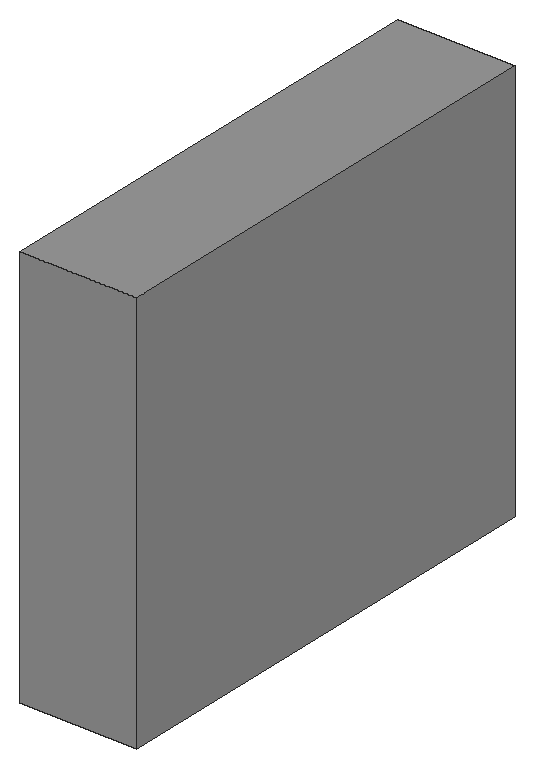
Revit family "PRE070015-FR", category Accessoire de canalisation, Revit 2017
Family settings
  Cote de connecteur circulaire = Utiliser le diamètre
  Type d'élément = Normal
  Basée sur le plan de construction = Non
  Toujours verticalement = Oui
  Couper avec des vides une fois chargée = Non
  Partagée = Non
Parameters (values of type "55393 PRESTO SIMPLE NOVA BLACK CHROME PILE")
  Variantes = "55379-55381-55389-55393"
  LC = 22.5 mm
  Garantie = "3"
  URL Fabricant = "http://www.prestodatashare.com/centretelechargement/index.php?lang=FR&refs=55393"
  URL = "http://www.prestodatashare.com/centretelechargement/index.php?lang=FR&refs=55393"
  Lien notice d'utilisation = "http://www.prestodatashare.com/centretelechargement/support.php?lang=FR&ref=55393"
  Lien fiche produit = "http://www.prestodatashare.com/espacedoc/Fiches_Techniques/FR/55393.pdf"
  Reference = "55393"
  Pression = "1 à 5 bars"
  Polantis code = "PRE070015c"
  Perte de charge = 0.0 Pa
  Profondeur = 207 mm
  Modèle = "55393 PRESTO SIMPLE NOVA BLACK CHROME PILE"
  Matériau = Laiton poli chromé
  Lien CCTP = "http://www.prestodatashare.com/centretelechargement/index.php?lang=FR&refs=55393"
  Largeur = 51 mm
  PC = 22.5 mm
  Hauteur = 177 mm
  Fonction = "Débit : 3 l/mn par limiteur de débit intégré, Aérateur anti-tartre haute qualité, Dispositif anti-coup de bélier\nAlimentation électrique : Pile lithium 6 volts type CRP2 dans boîtier intégré dans le corps du robinet\nMatière et couleur de finition : Corps et capot en métal moulé injecté avec finition black chrome\nRésistance thermique : Résiste à une température de 75°C durant 30 minutes dans le cadre de chocs thermiques\nSécurité : Limitation de la température maximale par butée réglable\n-Fermeture automatique de l'électrovanne en cas d'écoulement > à 30s, d'usure de la pile ou de dégradation du détecteur\n\nLivré avec :\n- 1 Ecrou de fixation\n- 1 Joint et 1 rondelle\n- 1 Flexible PEX à écrou tournant avec Clapets anti-retour NF\n- 1 Robinet d'arrêt MM G 3/8'' (12x17)\n- 1 Joint filtre\n- 1 Autocollant de signalisation\n\nNormes / Agréments :\n- Laiton conforme aux normes NF EN1982, EN12164, NF EN12165\n- Résistant au brouillard salin 200 H (essai NSS) conformément à la norme NF ISO 9227"
  Flux = 0.133333 L/s
  Finition = ""
  Fabricant = "LES ROBINETS PRESTO S.A."
  Diamètre Nominal = 12 mm
  Description = "Robinet simple sur plage à détection (CE) sur plage. De type Presto NOVA® réf. 55393 ou techniquement équivalent. Avec cellule optoélectronique, alimentation par pile lithium 6 V intégrée dans le robinet. Régulateur de débit intégré (3 l/min).Système antiblocage interdisant l'écoulement en continu. Avec flexible PEX et robinet d’arrêt filtre. Finition corps chromé et capot BLACK CHROME"
  Debit = "3 l/mn"
  Raccordement = "G 3/8'' (12x17)"
  Adresse = "7, RUE RACINE - 92542 MONTROUGE CEDEX FRANCE"
Types (4, lengths in mm): name | URL Fabricant | URL | Lien notice d'utilisation | Lien fiche produit | Reference | Polantis code | Modèle | Lien CCTP | Fonction | Description | Debit
  55381 PRESTO NOVA SIMPLE PILE PRESTOGREEN | "http://www.prestodatashare.com/centretelechargement/index.php?lang=FR&refs=55381" | "http://www.prestodatashare.com/centretelechargement/index.php?lang=FR&refs=55381" | "http://www.prestodatashare.com/centretelechargement/support.php?lang=FR&ref=55381" | "http://www.prestodatashare.com/espacedoc/Fiches_Techniques/FR/55381.pdf" | "55381" | "PRE070015a" | "55381 PRESTO NOVA SIMPLE PILE PRESTOGREEN" | "http://www.prestodatashare.com/centretelechargement/index.php?lang=FR&refs=55381" | "Débit : 1,9 l/mn par limiteur de débit intégré, Aérateur anti-tartre haute qualité, Dispositif anti-coup de bélier\nAlimentation électrique : Pile lithium 6 volts type CRP2 dans boîtier intégré dans le corps du robinet\nMatière et couleur de finition : Corps et capot en métal moulé injecté avec finition chromée\nRésistance thermique : Résiste à une température de 75°C durant 30 minutes dans le cadre de chocs thermiques\nSécurité : Limitation de la température maximale par butée réglable\n-Fermeture automatique de l'électrovanne en cas d'écoulement > à 30s, d'usure de la pile ou de dégradation du détecteur\n\nLivré avec :\n- 1 Ecrou de fixation\n- 1 Joint et 1 rondelle\n- 1 Flexible PEX à écrou tournant avec Clapets anti-retour NF\n- 1 Robinet d'arrêt MM G 3/8'' (12x17)\n- 1 Joint filtre\n- 1 Autocollant de signalisation\n\nNormes / Agréments :\n- Laiton conforme aux normes NF EN1982, EN12164, NF EN12165\n- Résistant au brouillard salin 200 H (essai NSS) conformément à la norme NF ISO 9227" | "Robinet simple sur plage à détection (CE) sur plage. De type Presto NOVA® réf. 55381 ou techniquement équivalent. Avec cellule optoélectronique, alimentation par pile lithium 6 V intégrée dans le robinet. Limiteur de débit intégré 1,9 l/mn). Système antiblocage interdisant l'écoulement en continu. Avec flexible PEX et robinet d’arrêt filtre. Finition chromée." | "1,9 l/mn"
  55379 PRESTO NOVA SIMPLE PILE | "http://www.prestodatashare.com/centretelechargement/index.php?lang=FR&refs=55379" | "http://www.prestodatashare.com/centretelechargement/index.php?lang=FR&refs=55379" | "http://www.prestodatashare.com/centretelechargement/support.php?lang=FR&ref=55379" | "http://www.prestodatashare.com/espacedoc/Fiches_Techniques/FR/55379.pdf" | "55379" | "PRE070015" | "55379 PRESTO NOVA SIMPLE PILE" | "http://www.prestodatashare.com/centretelechargement/index.php?lang=FR&refs=55379" | "Débit : 3 l/mn par limiteur de débit intégré, Aérateur anti-tartre haute qualité, Dispositif anti-coup de bélier\nAlimentation électrique : Pile lithium 6 volts type CRP2 dans boîtier intégré dans le corps du robinet\nMatière et couleur de finition : Corps et capot en métal moulé injecté avec finition chromée\nRésistance thermique : Résiste à une température de 75°C durant 30 minutes dans le cadre de chocs thermiques\nSécurité : Limitation de la température maximale par butée réglable\n-Fermeture automatique de l'électrovanne en cas d'écoulement > à 30s, d'usure de la pile ou de dégradation du détecteur\n\nLivré avec :\n- 1 Ecrou de fixation\n- 1 Joint et 1 rondelle\n- 1 Flexible PEX à écrou tournant avec Clapets anti-retour NF\n- 1 Robinet d'arrêt MM G 3/8'' (12x17)\n- 1 Joint filtre\n- 1 Autocollant de signalisation\n\nNormes / Agréments :\n- Laiton conforme aux normes NF EN1982, EN12164, NF EN12165\n- Résistant au brouillard salin 200 H (essai NSS) conformément à la norme NF ISO 9227" | "Robinet simple sur plage à détection (CE) sur plage. De type Presto NOVA® réf. 55379 ou techniquement équivalent. Avec cellule optoélectronique, alimentation par pile lithium 6 V intégrée dans le robinet. Régulateur de débit intégré (3 l/min).Système antiblocage interdisant l'écoulement en continu. Avec flexible PEX et robinet d’arrêt filtre. Finition chromée" | "3 l/mn"
  55393 PRESTO SIMPLE NOVA BLACK CHROME PILE | "http://www.prestodatashare.com/centretelechargement/index.php?lang=FR&refs=55393" | "http://www.prestodatashare.com/centretelechargement/index.php?lang=FR&refs=55393" | "http://www.prestodatashare.com/centretelechargement/support.php?lang=FR&ref=55393" | "http://www.prestodatashare.com/espacedoc/Fiches_Techniques/FR/55393.pdf" | "55393" | "PRE070015c" | "55393 PRESTO SIMPLE NOVA BLACK CHROME PILE" | "http://www.prestodatashare.com/centretelechargement/index.php?lang=FR&refs=55393" | "Débit : 3 l/mn par limiteur de débit intégré, Aérateur anti-tartre haute qualité, Dispositif anti-coup de bélier\nAlimentation électrique : Pile lithium 6 volts type CRP2 dans boîtier intégré dans le corps du robinet\nMatière et couleur de finition : Corps et capot en métal moulé injecté avec finition black chrome\nRésistance thermique : Résiste à une température de 75°C durant 30 minutes dans le cadre de chocs thermiques\nSécurité : Limitation de la température maximale par butée réglable\n-Fermeture automatique de l'électrovanne en cas d'écoulement > à 30s, d'usure de la pile ou de dégradation du détecteur\n\nLivré avec :\n- 1 Ecrou de fixation\n- 1 Joint et 1 rondelle\n- 1 Flexible PEX à écrou tournant avec Clapets anti-retour NF\n- 1 Robinet d'arrêt MM G 3/8'' (12x17)\n- 1 Joint filtre\n- 1 Autocollant de signalisation\n\nNormes / Agréments :\n- Laiton conforme aux normes NF EN1982, EN12164, NF EN12165\n- Résistant au brouillard salin 200 H (essai NSS) conformément à la norme NF ISO 9227" | "Robinet simple sur plage à détection (CE) sur plage. De type Presto NOVA® réf. 55393 ou techniquement équivalent. Avec cellule optoélectronique, alimentation par pile lithium 6 V intégrée dans le robinet. Régulateur de débit intégré (3 l/min).Système antiblocage interdisant l'écoulement en continu. Avec flexible PEX et robinet d’arrêt filtre. Finition corps chromé et capot BLACK CHROME" | "3 l/mn"
  55389 PRESTO NOVA SIMPLE  NOIR MAT PILE | "http://www.prestodatashare.com/centretelechargement/index.php?lang=FR&refs=55389" | "http://www.prestodatashare.com/centretelechargement/index.php?lang=FR&refs=55389" | "http://www.prestodatashare.com/centretelechargement/support.php?lang=FR&ref=55389" | "http://www.prestodatashare.com/espacedoc/Fiches_Techniques/FR/55389.pdf" | "55389" | "PRE070015b" | "55389 PRESTO NOVA SIMPLE  NOIR MAT PILE" | "http://www.prestodatashare.com/centretelechargement/index.php?lang=FR&refs=55389" | "Débit : 3 l/mn par limiteur de débit intégré, Aérateur anti-tartre haute qualité, Dispositif anti-coup de bélier\nAlimentation électrique : Pile lithium 6 volts type CRP2 dans boîtier intégré dans le corps du robinet\nMatière et couleur de finition : Corps et capot en métal moulé injecté avec finition noir mat\nRésistance thermique : Résiste à une température de 75°C durant 30 minutes dans le cadre de chocs thermiques\nSécurité : Limitation de la température maximale par butée réglable\n-Fermeture automatique de l'électrovanne en cas d'écoulement > à 30s, d'usure de la pile ou de dégradation du détecteur\n\nLivré avec :\n- 1 Ecrou de fixation\n- 1 Joint et 1 rondelle\n- 1 Flexible PEX à écrou tournant avec Clapets anti-retour NF\n- 1 Robinet d'arrêt MM G 3/8'' (12x17)\n- 1 Joint filtre\n- 1 Autocollant de signalisation\n\nNormes / Agréments :\n- Laiton conforme aux normes NF EN1982, EN12164, NF EN12165\n- Résistant au brouillard salin 200 H (essai NSS) conformément à la norme NF ISO 9227" | "Robinet simple sur plage à détection (CE) sur plage. De type Presto NOVA® réf. 55389 ou techniquement équivalent. Avec cellule optoélectronique, alimentation par pile lithium 6 V intégrée dans le robinet. Régulateur de débit intégré (3 l/min).Système antiblocage interdisant l'écoulement en continu. Avec flexible PEX et robinet d’arrêt filtre. Finition NOIR MAT" | "3 l/mn"
Reference planes
  plane 1 "Centre (avant/arrière)": y = 0
  plane 2: z = 0
  plane 3 "Centre (gauche/droite)": x = 0
  plane 4: y = -207
  plane 5: x = 51
  plane 6: z = 177
  plane 7: x = 25.5
  plane 8: z = 1
  plane 9: y = -22.5
  plane 10: x = 22.5
Forms (mm)
  Extrusion 1, solid, material "Laiton poli chromé" <- "Matériau", detail levels fine
    sketch origin (0, 0, 0) x (1, 0, 0) y (0, 1, 0)
      loop
        line (0, 0) -> (0, -207) -> (51, -207) -> (51, 0) -> (0, 0)
    from 0 to 177
  Extrusion 2, solid, material "Laiton poli chromé" <- "Matériau", detail levels fine
    sketch origin (0, 0, 0) x (1, 0, 0) y (0, 1, 0)
      loop
        circle (22.5, -22.5) r 5
    from 0 to 1
Cuts and joins
  joined: Extrusion 1, Extrusion 2
Dimensions and locks
  "Profondeur": plane 1 "Centre (avant/arrière)" to plane 4
  "Largeur": plane 3 "Centre (gauche/droite)" to plane 5
  "Hauteur": plane 6 to level
  equal spacing: plane 3 "Centre (gauche/droite)", plane 7, plane 5
  locked: plane 8 to plane 2 at 1
  "PC": plane 1 "Centre (avant/arrière)" to plane 9
  "LC": plane 3 "Centre (gauche/droite)" to plane 10
  aligned and locked: level to plane 2
  aligned and locked: plane 1 "Centre (avant/arrière)" to Extrusion 1 sketch curve
  aligned and locked: plane 3 "Centre (gauche/droite)" to Extrusion 1 sketch curve
  aligned and locked: plane 4 to Extrusion 1 sketch curve
  aligned and locked: plane 5 to Extrusion 1 sketch curve
  aligned and locked: plane 6 to Extrusion 1
  aligned and locked: plane 8 to Extrusion 2
  aligned and locked: nested 2 to plane 5
  aligned and locked: nested 2 to plane 4
Automatic sketch dimensions
  Extrusion 2 sketch curve to plane 9 = 0 mm
  Extrusion 2 sketch curve to plane 10 = 0 mm
  radius of Extrusion 2 sketch curve = 5 mm
Nested families
  nested 1: "SymboliqueA6" at (0, -22.5, 0) x (0, 1, 0) z (0, 0, 1), type "SymboliqueA6", detail levels coarse+medium
  nested 2: "S2DA6" at (51, -103.5, 0) x (0, 1, 0) z (0, 0, 1), type "S2DA6", detail levels coarse+medium
Connectors
  piping at (22.5, -22.5, 0), diameter 12, driven by "Diamètre Nominal", driven by "Flux", driven by "Perte de charge"
    settings: on Extrusion 2, index 3, connector inside diameter 609.6 mm, connector length 0 mm, flow factor 0, pipe flow 0.133333 L/s, pressure drop 0.0 Pa, fitting loss kfactor 0, connector angle 0.00°, fixture units 0, engagement length 0 mm, angle of deflection 0.00°, flow configuration 0, flow direction 1, fitting loss method 4, system type 22, joint type 0, gender type 0, connector reference index -1, connector utility 0, adjustable connector no, is connector primary yes, connector description ""
Definition of nested family "SymboliqueA6"
  Parameters (values of type "SymboliqueA6")
    V = yes
    P = 1000 mm
    L = 1000 mm
    H = 1000 mm
  Reference planes
    plane 1 "Centre (avant/arrière)": y = 0
    plane 2: z = 0
    plane 3 "Centre (gauche/droite)": x = 0
    plane 4: y = -1000
    plane 5: x = -500
    plane 6: x = 500
    plane 7: z = 1000
    plane 8: z = 500
    plane 9: y = -500
  Lines and regions (mm)
    model lines
      curve 1: line (0, -1000, 1000) -> (0, 0, 0)
      curve 2: line (0, 0, 0) -> (0, -1000, 0)
      curve 3: line (0, -1000, 0) -> (0, 0, 1000)
      curve 4: line (0, 0, 1000) -> (0, -1000, 1000)
  Dimensions and locks
    "H": plane 7 to plane 2
    equal spacing: plane 5, plane 3 "Centre (gauche/droite)", plane 6
    "L": plane 5 to plane 6
    equal spacing: plane 7, plane 8, level
    equal spacing: plane 4, plane 9, plane 1 "Centre (avant/arrière)"
    "P": plane 1 "Centre (avant/arrière)" to plane 4
    aligned and locked: level to plane 2
  Automatic sketch dimensions
    curve 3 to level = 0 mm
    curve 1 to plane 1 "Centre (avant/arrière)" = 0 mm
    curve 1 to plane 7 = 0 mm
    curve 3 to plane 4 = 0 mm
    curve 3 to plane 1 "Centre (avant/arrière)" = 0 mm
    curve 4 to plane 4 = 0 mm
Definition of nested family "S2DA6"
  Parameters (values of type "S2DA6")
    P = 788.322 mm
    L = 1600 mm
    H = 1250.021 mm
  Reference planes
    plane 1 "Centre (avant/arrière)": y = 0
    plane 2: z = 0
    plane 3 "Centre (gauche/droite)": x = 0
    plane 4: y = 788.322
    plane 5: x = -800
    plane 6: x = 800
    plane 7: y = 394.161
    plane 8: z = 1250.021
    plane 9: z = 625.01
  Lines and regions (mm)
    symbolic lines
      curve 1: line (-800, 788.322, 0) -> (800, 0, 0)
      curve 2: line (800, 0, 0) -> (800, 788.322, 0)
      curve 3: line (800, 788.322, 0) -> (-800, 0, 0)
      curve 4: line (-800, 0, 0) -> (-800, 788.322, 0)
      curve 5: line (800, 0, 1250.021) -> (-800, 0, 1250.021)
      curve 6: line (-800, 0, 1250.021) -> (800, 0, 0)
      curve 7: line (800, 0, 0) -> (-800, 0, 0)
      curve 8: line (800, 0, 1250.021) -> (-800, 0, 0)
      curve 9: line (0, 788.322, 0) -> (0, 0, 1250.021)
      curve 10: line (0, 0, 1250.021) -> (0, 788.322, 1250.021)
      curve 11: line (0, 788.322, 1250.021) -> (0, 0, 0)
      curve 12: line (0, 0, 0) -> (0, 788.322, 0)
  Dimensions and locks
    equal spacing: plane 5, plane 3 "Centre (gauche/droite)", plane 6
    equal spacing: plane 1 "Centre (avant/arrière)", plane 7, plane 4
    "P": plane 1 "Centre (avant/arrière)" to plane 4
    "L": plane 5 to plane 6
    equal spacing: plane 8, plane 9, level
    "H": plane 8 to plane 2
    aligned and locked: level to plane 2
  Automatic sketch dimensions
    plane 1 "Centre (avant/arrière)" to curve 3 = 0 mm
    curve 1 to plane 4 = 0 mm
    curve 3 to plane 4 = 0 mm
    plane 1 "Centre (avant/arrière)" to curve 2 = 0 mm
    curve 3 to plane 6 = 0 mm
    curve 4 to plane 5 = 0 mm
    curve 10 to plane 1 "Centre (avant/arrière)" = 0 mm
    curve 10 to plane 8 = 0 mm
    curve 11 to plane 4 = 0 mm
    curve 12 to level = 0 mm
    curve 12 to plane 1 "Centre (avant/arrière)" = 0 mm
    curve 12 to plane 4 = 0 mm
    plane 5 to curve 5 = 0 mm
    curve 8 to level = 0 mm
    plane 5 to curve 8 = 0 mm
    plane 6 to curve 7 = 0 mm
    plane 6 to curve 8 = 0 mm
    curve 6 to plane 8 = 0 mm
